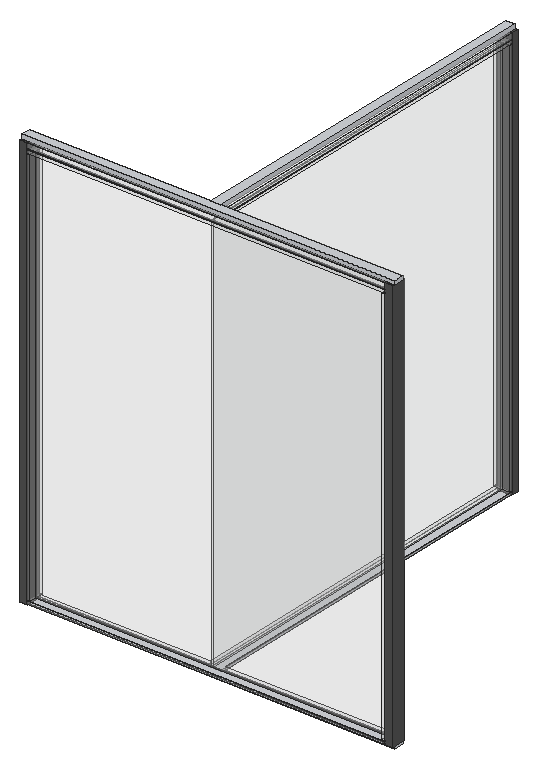
Revit family "Haworth_EncloseFrameless_Wall_Glass3way", category Furniture Systems, Revit 2018
Family settings
  Round Connector Dimension = Use Diameter
  Part Type = Normal
  OmniClass Number = 23.25.40.14
  OmniClass Title = Demountable Partitions
  Work Plane-Based = No
  Always vertical = Yes
  Cut with Voids When Loaded = No
  Shared = Yes
  Room Calculation Point = No
Parameters (values of type "108" H")
  Width 2 [instance] = 96"
  Warranty = "http://www.haworth.com/resources/product-info/warranties"
  URL - Product = "http://www.haworth.com/products/architectural-interiors/moveable-walls/enclose"
  Type Comments = ""
  Sustainability Info = "http://www.haworth.com/company-info/sustainablility"
  Panel Width 2 [instance] = if(End Frame Panel 2, Width 2 - Vertical Frame Width - End of Run Panel 2 Width - 0.2", Width 2 - 0.2")  # 93.08"
  Panel 1 Right Width [instance] = 48"
  Panel 1 Left Width [instance] = 48"
  Model = "Haworth - Enclose Frameless"  # constant formula
  Material Options = "http://surfaces.haworth.com/"
  Width [instance] = 96"
  Vertical Frame Width = 0.875"  # constant formula
  URL = "www.haworth.com"
  Size = "Verify Final Dim. w/ Haworth"  # constant formula
  Revision Number = "3"  # constant formula
  Panel Width 1 [instance] = if(and(End Frame Right, End Frame Left), Width - (2 * Vertical Frame Width) - End of Run Right Width - End of Run Left Width, if(End Frame Right, Width - Vertical Frame Width - End of Run Right Width, if(End Frame Left, Width - Vertical Frame Width - End of Run Left Width, Width)))  # 90.56"
  Panel Height = Actual Height - Horizontal Bottom Adjuster Width - Horizontal Frame Width - Horizontal Top Adjuster Width  # 103.25"
  Panel Depth = 0.4"  # constant formula
  Min/Max Width = "12in Min, Verify Max"  # constant formula
  Min/Max Height = "24-144 in."  # constant formula
  Horizontal Top Trim Width = 1.43"  # constant formula
  Horizontal Top Adjuster Width = Cap Height + Horizontal Top Trim Width + 0.195"  # 2.625"
  Horizontal Bottom Adjuster Width = Base Height + Horizontal Frame Width  # 1.25"
  Min. Height = 24"  # constant formula
  Max. Height = 144"  # constant formula
  Manufacturer = "Haworth"  # constant formula
  Horizontal Frame Width = 0.875"  # constant formula
  Horizontal Bottom Trim Width = 2.425"  # constant formula
  Height = 108"
  Half Postcap Width = 0.155"  # constant formula
  HFEC Right Width [instance] = if(not(End Frame Right), 0", End of Run Right Width)  # 1.845"
  HFEC Panel 2 Width [instance] = if(not(End Frame Panel 2), 0", End of Run Panel 2 Width)  # 1.845"
  HFEC Left Width [instance] = if(not(End Frame Left), 0", End of Run Left Width)  # 1.845"
  Glass Right Offset Panel 2 [instance] = if(End Frame Panel 2, Vertical Frame Width, 0")  # 0.875"
  Glass Right Offset [instance] = if(End Frame Right, Vertical Frame Width, 0")  # 0.875"
  Glass Finish = Haworth _ Glass _ Clear
  Frame Finish = Haworth _ Glass _ Clear
  Frame Depth = 4"  # constant formula
  End of Run Panel 2 Width [instance] = if(and(End of Run Panel 2, End Frame Panel 2), 1.845", 0.155")  # 1.845"
  End of Run Right Width [instance] = if(and(End of Run Right, End Frame Right), 1.845", Half Postcap Width)  # 1.845"
  End of Run Panel 2 [instance] = yes
  End of Run Right [instance] = yes
  End of Run Left Width [instance] = if(and(End of Run Left, End Frame Left), 1.845", Half Postcap Width)  # 1.845"
  End of Run Left [instance] = yes
  End of Run Finish = Haworth _ Polymer _ Black
  End Frame Panel 2 [instance] = yes
  End Frame Right [instance] = yes
  End Frame Left [instance] = yes
  Description = "Wall - Glass 3-way"  # constant formula
  Ceiling Mount = yes
  Cap Height = 1"  # constant formula
  Base Height = 0.375"  # constant formula
  Author = "SHAPE Environments, LLC"  # constant formula
  Assembly Code = "C1010200"
  Actual Width 2 [instance] = if(Width 2 < 12", 12", Width 2)  # 96"
  Actual Width [instance] = if(Width < 12", 12", Width)  # 96"
  Actual Height = if(Height < Min. Height, Min. Height, if(Height > Max. Height, Max. Height, Height))  # 108"
Reference planes (in)
  plane 1 "Center F/B": y = -0.17786
  plane 2: z = 0
  plane 3 "Center L/R": x = -2.36364
  plane 4 "Left": x = -48.51864
  plane 5 "Right": x = 43.79136
  plane 6 "Top": z = 108
  plane 7 "Back": y = 1.82214
  plane 8 "Front": y = -2.17786
  plane 9 "Left Frame Outside": x = -48.51864
  plane 10 "Left Frame Inside": x = -47.64364
  plane 11 "Right Frame Outside": x = 43.79136
  plane 12 "Right Frame Inside": x = 42.91636
  plane 13 "End of Run Right": x = 45.63636
  plane 14 "End of Run Left": x = -50.36364
  plane 15 "Top Frame Outside": z = 105.375
  plane 16 "Top Trim Outside": z = 107
  plane 17 "Top Frame Inside": z = 104.5
  plane 18 "Bottom Frame Inside": z = 1.25
  plane 19 "Bottom Adjuster": z = 0.375
  plane 20 "Not Used": z = 2.125
  plane 21 "3 Way Frame Inside": y = 93.10214
  plane 22 "3 Way Frame Outside": y = 93.97714
  plane 23 "End of Run Panel 2": y = 95.82214
  plane 24: y = 93.97714
  plane 25 "3 Way Back": x = -4.36364
  plane 26 "3 Way Front": x = -0.36364
  plane 27 "Glass Constraint": x = 42.91636
  plane 28 "Glass Constraint Panel 2": y = 93.10214
  plane 29 "3 Way Centerline": x = -2.36364
Forms (in)
  Sweep 1, solid, material "Haworth _ Polymer _ Black" <- "End of Run Finish", visible <- "End Frame Left"
    path origin (0, -0.17786, 0) x (1, 0, 0) y (0, 0, 1)
      loop
        line (-48.51864, 107) -> (-48.51864, 0.375)
    profile "Haworth_Enclose - Postcap : Left" origin (-48.51864, -0.17786, 53.6875) x (1, 0, 0) y (0, -1, 0)
      loop
        line (0, 1.805) -> (-1.845, 1.805) -> (-1.845, -1.805) -> (0, -1.805) -> (0, 1.805)
  Sweep 2, solid, material "Haworth _ Polymer _ Black" <- "End of Run Finish", visible <- "End Frame Right"
    path origin (0, -0.17786, 0) x (1, 0, 0) y (0, 0, 1)
      loop
        line (43.79136, 107) -> (43.79136, 0.375)
    profile "Haworth_Enclose - Postcap : Right" origin (43.79136, -0.17786, 53.6875) x (1, 0, 0) y (0, -1, 0)
      loop
        line (0, 1.805) -> (0, -1.805) -> (1.845, -1.805) -> (1.845, 1.805) -> (0, 1.805)
  Sweep 3, solid, material "Haworth _ Glass _ Clear" <- "Frame Finish", visible <- "End Frame Left"
    path origin (0, -0.17786, 0) x (1, 0, 0) y (0, 0, 1)
      loop
        line (-48.51864, 104.5) -> (-48.51864, 1.25)
    profile "Haworth_Enclose - Vertical_Frame : Vertical" origin (-48.51864, -0.17786, 52.875) x (1, 0, 0) y (0, -1, 0)
      loop
        line (0, 2) -> (0, -2) -> (0.875, -2) -> (0.875, 2) -> (0, 2)
  Sweep 4, solid, material "Haworth _ Glass _ Clear" <- "Frame Finish", visible <- "End Frame Right"
    path origin (0, -0.17786, 0) x (1, 0, 0) y (0, 0, 1)
      loop
        line (43.79136, 104.5) -> (43.79136, 1.25)
    profile "Haworth_Enclose - Vertical_Frame : Vertical" origin (43.79136, -0.17786, 52.875) x (1, 0, 0) y (0, -1, 0)
      loop
        line (0, 2) -> (-0.875, 2) -> (-0.875, -2) -> (0, -2) -> (0, 2)
  Sweep 5, solid, material "Haworth _ Glass _ Clear" <- "Frame Finish"
    path origin (0, -0.17786, 0) x (1, 0, 0) y (0, 0, 1)
      loop
        line (43.79136, 104.5) -> (-48.51864, 104.5)
    profile "Haworth_Enclose - Horizontal_Frame : Horizontal" origin (-2.36364, -0.17786, 104.5) x (0, 0, -1) y (0, -1, 0)
      loop
        line (0, 2) -> (-0.875, 2) -> (-0.875, -2) -> (0, -2) -> (0, 2)
  Sweep 6, solid, material "Haworth _ Glass _ Clear" <- "Frame Finish"
    path origin (0, -0.17786, 0) x (1, 0, 0) y (0, 0, 1)
      loop
        line (-48.51864, 107) -> (43.79136, 107)
    profile "Haworth_Enclose - Horizontal_Trim : Top" origin (-2.36364, -0.17786, 107) x (0, 0, 1) y (0, -1, 0)
      loop
        line (0, 2) -> (-1.43, 2) -> (-1.43, 1.805) -> (-1.625, 1.805) -> (-1.625, -1.805) -> (-1.43, -1.805) -> (-1.43, -2) -> (0, -2) -> (0, 2)
  Sweep 7, solid, visible <- "Ceiling Mount"
    path origin (0, -0.17786, 0) x (1, 0, 0) y (0, 0, 1)
      loop
        line (-50.36364, 108) -> (45.63636, 108)
    profile "Haworth_Enclose - Horizontal_Track : Ceiling" origin (-2.36364, -0.17786, 108) x (0, 0, 1) y (0, -1, 0)
      loop
        line (0, 1.28) -> (-1, 1.28) -> (-1, -1.28) -> (0, -1.28) -> (0, 1.28)
  Sweep 8, solid
    path origin (0, -0.17786, 0) x (1, 0, 0) y (0, 0, 1)
      loop
        line (45.63636, 0) -> (-50.36364, 0)
    profile "Haworth_Enclose - Horizontal_Track : Base" origin (-2.36364, -0.17786, 0) x (0, 0, -1) y (0, -1, 0)
      loop
        line (0, 1.28) -> (-0.375, 1.28) -> (-0.375, -1.28) -> (0, -1.28) -> (0, 1.28)
  Sweep 9, solid, material "Haworth _ Glass _ Clear" <- "Frame Finish"
    path origin (0, -0.17786, 0) x (1, 0, 0) y (0, 0, 1)
      loop
        line (-48.51864, 1.25) -> (43.79136, 1.25)
    profile "Haworth_Enclose - Horizontal_Frame : Horizontal" origin (-2.36364, -0.17786, 1.25) x (0, 0, 1) y (0, -1, 0)
      loop
        line (0, 2) -> (-0.875, 2) -> (-0.875, -2) -> (0, -2) -> (0, 2)
  Sweep 10, solid, visible <- "Ceiling Mount"
    path origin (-2.36364, 0, 0) x (0, -1, 0) y (0, 0, 1)
      loop
        line (-1.10214, 108) -> (-95.82214, 108)
    profile "Haworth_Enclose - Horizontal_Track : Ceiling" origin (-2.36364, 48.46214, 108) x (0, 0, -1) y (-1, 0, 0)
      loop
        line (0, 1.28) -> (0, -1.28) -> (1, -1.28) -> (1, 1.28) -> (0, 1.28)
  Sweep 11, solid, material "Haworth _ Glass _ Clear" <- "Frame Finish"
    path origin (-2.36364, 0, 0) x (0, -1, 0) y (0, 0, 1)
      loop
        line (-93.97714, 104.5) -> (-1.82214, 104.5)
    profile "Haworth_Enclose - Horizontal_Frame : Horizontal" origin (-2.36364, 47.89964, 104.5) x (0, 0, 1) y (-1, 0, 0)
      loop
        line (0, 2) -> (0, -2) -> (0.875, -2) -> (0.875, 2) -> (0, 2)
  Sweep 12, solid, material "Haworth _ Glass _ Clear" <- "Frame Finish"
    path origin (-2.36364, 0, 0) x (0, -1, 0) y (0, 0, 1)
      loop
        line (-1.82214, 107) -> (-93.97714, 107)
    profile "Haworth_Enclose - Horizontal_Trim : Top" origin (-2.36364, 47.89964, 107) x (0, 0, -1) y (-1, 0, 0)
      loop
        line (0, 2) -> (0, -2) -> (1.43, -2) -> (1.43, -1.805) -> (1.625, -1.805) -> (1.625, 1.805) -> (1.43, 1.805) -> (1.43, 2) -> (0, 2)
  Sweep 13, solid, material "Haworth _ Polymer _ Black" <- "End of Run Finish", visible <- "End Frame Panel 2"
    path origin (-2.36364, 0, 0) x (0, -1, 0) y (0, 0, 1)
      loop
        line (-93.97714, 0.375) -> (-93.97714, 107)
    profile "Haworth_Enclose - Postcap : Panel 2" origin (-2.36364, 93.97714, 53.6875) x (0, 1, 0) y (-1, 0, 0)
      loop
        line (0, 1.805) -> (0, -1.805) -> (1.845, -1.805) -> (1.845, 1.805) -> (0, 1.805)
  Sweep 14, solid, material "Haworth _ Glass _ Clear" <- "Frame Finish", visible <- "End Frame Panel 2"
    path origin (-2.36364, 0, 0) x (0, -1, 0) y (0, 0, 1)
      loop
        line (-93.10214, 104.5) -> (-93.10214, 1.25)
    profile "Haworth_Enclose - Vertical_Frame : Vertical" origin (-2.36364, 93.10214, 52.875) x (0, -1, 0) y (-1, 0, 0)
      loop
        line (0, 2) -> (-0.875, 2) -> (-0.875, -2) -> (0, -2) -> (0, 2)
  Sweep 15, solid
    path origin (-2.36364, 0, 0) x (0, -1, 0) y (0, 0, 1)
      loop
        line (-1.10214, 0) -> (-95.82214, 0)
    profile "Haworth_Enclose - Horizontal_Track : Base" origin (-2.36364, 48.46214, 0) x (0, 0, -1) y (-1, 0, 0)
      loop
        line (0, 1.28) -> (-0.375, 1.28) -> (-0.375, -1.28) -> (0, -1.28) -> (0, 1.28)
  Sweep 16, solid, material "Haworth _ Glass _ Clear" <- "Frame Finish"
    path origin (-2.36364, 0, 0) x (0, -1, 0) y (0, 0, 1)
      loop
        line (-93.97714, 1.25) -> (-1.82214, 1.25)
    profile "Haworth_Enclose - Horizontal_Frame : Horizontal" origin (-2.36364, 47.89964, 1.25) x (0, 0, 1) y (-1, 0, 0)
      loop
        line (0, 2) -> (-0.875, 2) -> (-0.875, -2) -> (0, -2) -> (0, 2)
Cuts and joins
  joined: Sweep 9, Sweep 16
  joined: Sweep 6, Sweep 12
  joined: Sweep 5, Sweep 11
Lines and regions (in)
  Masking region 1
    outline origin (0, 0, 0) x (1, 0, 0) y (0, 1, 0)
      loop
        line (-50.36364, 1.82214) -> (-50.36364, -2.17786) -> (45.63636, -2.17786) -> (45.63636, 1.82214) -> (-0.36364, 1.82214) -> (-0.36364, 95.82214) -> (-4.36364, 95.82214) -> (-4.36364, 1.82214) -> (-50.36364, 1.82214)
  Masking region 2, detail levels medium+fine
    outline origin (0, 0, 0) x (1, 0, 0) y (0, 1, 0)
      loop
        line (-47.64364, 0.02214) -> (-47.64364, -0.37786) -> (42.91636, -0.37786) -> (42.91636, 0.02214) -> (-2.16364, 0.02214) -> (-2.16364, 93.10214) -> (-2.56364, 93.10214) -> (-2.56364, 0.02214) -> (-47.64364, 0.02214)
  symbolic lines, style "Haworth", visible <- "End Frame Right", detail levels medium+fine
    curve 1: line (42.91636, 1.82214, 0) -> (42.91636, -2.17786, 0)
  symbolic lines, style "Haworth", visible <- "End Frame Left", detail levels medium+fine
    curve 2: line (-47.64364, -2.17786, 0) -> (-47.64364, 1.82214, 0)
  symbolic lines, style "Haworth", visible <- "End Frame Panel 2", detail levels medium+fine
    curve 3: line (-4.36364, 93.10214, 0) -> (-0.36364, 93.10214, 0)
Dimensions and locks (in)
  "Width": plane 14 "End of Run Left" to plane 13 "End of Run Right"
  "Vertical Frame Width": plane 9 "Left Frame Outside" to plane 10 "Left Frame Inside"
  "End of Run Right Width": plane 11 "Right Frame Outside" to plane 13 "End of Run Right"
  "End of Run Left Width": plane 14 "End of Run Left" to plane 9 "Left Frame Outside"
  "Vertical Frame Width": plane 12 "Right Frame Inside" to plane 11 "Right Frame Outside"
  equal spacing: plane 7 "Back", plane 1 "Center F/B", plane 8 "Front"
  "Frame Depth": plane 7 "Back" to plane 8 "Front"
  "Actual Height": plane 6 "Top" to level
  "Cap Height": plane 6 "Top" to plane 16 "Top Trim Outside"
  "Horizontal Frame Width": plane 15 "Top Frame Outside" to plane 17 "Top Frame Inside"
  "Base Height": plane 19 "Bottom Adjuster" to level
  "Horizontal Bottom Adjuster Width": plane 18 "Bottom Frame Inside" to plane 2
  "Horizontal Top Adjuster Width": plane 6 "Top" to plane 15 "Top Frame Outside"
  "Vertical Frame Width": plane 22 "3 Way Frame Outside" to plane 21 "3 Way Frame Inside"
  "End of Run Panel 2 Width": plane 23 "End of Run Panel 2" to plane 22 "3 Way Frame Outside"
  "Width 2": plane 1 "Center F/B" to plane 23 "End of Run Panel 2"
  "Glass Right Offset": plane 27 "Glass Constraint" to plane 5 "Right"
  "Glass Right Offset Panel 2": plane 24 to plane 28 "Glass Constraint Panel 2"
  equal spacing: plane 25 "3 Way Back", plane 29 "3 Way Centerline", plane 26 "3 Way Front"
  "Frame Depth": plane 25 "3 Way Back" to plane 26 "3 Way Front"
  "HFEC Left Width": plane 14 "End of Run Left" to plane 4 "Left"
  "HFEC Right Width": plane 5 "Right" to plane 13 "End of Run Right"
  "HFEC Panel 2 Width": plane 23 "End of Run Panel 2" to plane 24
  "Panel 1 Left Width": plane 14 "End of Run Left" to plane 29 "3 Way Centerline"
  "Panel 1 Right Width": plane 29 "3 Way Centerline" to plane 13 "End of Run Right"
  aligned and locked: Sweep 1 sketch curve to plane 9 "Left Frame Outside"
  aligned and locked: Sweep 2 sketch curve to plane 11 "Right Frame Outside"
  aligned and locked: Sweep 3 sketch curve to plane 9 "Left Frame Outside"
  aligned and locked: plane 17 "Top Frame Inside" to Sweep 3 sketch curve
  aligned and locked: Sweep 4 sketch curve to plane 11 "Right Frame Outside"
  aligned and locked: Sweep 4 sketch curve to plane 17 "Top Frame Inside"
  aligned: plane 3 "Center L/R" to nested 1
  aligned and locked: plane 1 "Center F/B" to nested 1
  aligned: nested 1 to plane 20 "Not Used"
  aligned and locked: curve 1 to Sweep 4
  aligned and locked: curve 2 to Sweep 3
  aligned and locked: Sweep 5 sketch curve to plane 17 "Top Frame Inside"
  aligned and locked: Sweep 6 sketch curve to plane 16 "Top Trim Outside"
  aligned and locked: plane 13 "End of Run Right" to Sweep 7 sketch curve
  aligned and locked: plane 14 "End of Run Left" to Sweep 7 sketch curve
  aligned and locked: plane 14 "End of Run Left" to Sweep 8 sketch curve
  aligned and locked: plane 13 "End of Run Right" to Sweep 8 sketch curve
  aligned and locked: Sweep 8 sketch curve to plane 2
  aligned and locked: Sweep 7 sketch curve to plane 6 "Top"
  aligned and locked: Masking region 1 sketch curve to plane 7 "Back"
  aligned and locked: plane 8 "Front" to Masking region 1 sketch curve
  aligned and locked: plane 19 "Bottom Adjuster" to Sweep 1 sketch curve
  aligned and locked: plane 16 "Top Trim Outside" to Sweep 1 sketch curve
  aligned and locked: Sweep 2 sketch curve to plane 16 "Top Trim Outside"
  aligned and locked: Sweep 2 sketch curve to plane 19 "Bottom Adjuster"
  aligned and locked: Sweep 10 sketch curve to plane 6 "Top"
  aligned and locked: Sweep 11 sketch curve to plane 17 "Top Frame Inside"
  aligned and locked: plane 7 "Back" to Sweep 11 sketch curve
  aligned and locked: Sweep 12 sketch curve to plane 16 "Top Trim Outside"
  aligned and locked: plane 22 "3 Way Frame Outside" to Sweep 13 sketch curve
  aligned and locked: Sweep 13 sketch curve to plane 16 "Top Trim Outside"
  aligned and locked: Sweep 13 sketch curve to plane 19 "Bottom Adjuster"
  aligned and locked: Sweep 14 sketch curve to plane 21 "3 Way Frame Inside"
  aligned and locked: Sweep 14 sketch curve to plane 17 "Top Frame Inside"
  aligned and locked: Sweep 15 sketch curve to plane 2
  aligned and locked: plane 7 "Back" to Sweep 16 sketch curve
  aligned: plane 1 "Center F/B" to nested 2
  aligned: nested 2 to plane 21 "3 Way Frame Inside"
  aligned and locked: plane 25 "3 Way Back" to Masking region 1 sketch curve
  aligned and locked: Masking region 1 sketch curve to plane 26 "3 Way Front"
  aligned and locked: Masking region 1 sketch curve to plane 23 "End of Run Panel 2"
  aligned and locked: Sweep 7 to Sweep 10 sketch curve
  aligned and locked: Masking region 1 to plane 14 "End of Run Left"
  aligned and locked: plane 13 "End of Run Right" to Masking region 1
  aligned and locked: Sweep 15 sketch curve to Sweep 8
  aligned and locked: Sweep 9 sketch curve to plane 18 "Bottom Frame Inside"
  aligned and locked: nested 1 to plane 18 "Bottom Frame Inside"
  aligned and locked: plane 18 "Bottom Frame Inside" to Sweep 3 sketch curve
  aligned and locked: Sweep 4 sketch curve to plane 18 "Bottom Frame Inside"
  aligned and locked: Sweep 16 sketch curve to plane 18 "Bottom Frame Inside"
  aligned and locked: Sweep 14 sketch curve to plane 18 "Bottom Frame Inside"
  aligned and locked: nested 2 to plane 18 "Bottom Frame Inside"
  aligned and locked: plane 23 "End of Run Panel 2" to Sweep 15 sketch curve
  aligned and locked: plane 23 "End of Run Panel 2" to Sweep 10 sketch curve
  aligned and locked: plane 7 "Back" to Sweep 12 sketch curve
  aligned and locked: plane 27 "Glass Constraint" to nested 1
  aligned and locked: nested 2 to plane 28 "Glass Constraint Panel 2"
  aligned and locked: Masking region 2 sketch curve to nested 1  (x4)
  aligned and locked: nested 2 to Masking region 2 sketch curve
  aligned and locked: Masking region 2 sketch curve to nested 2  (x2)
  aligned and locked: plane 29 "3 Way Centerline" to nested 2
  aligned and locked: plane 4 "Left" to Sweep 6 sketch curve
  aligned and locked: plane 5 "Right" to Sweep 6 sketch curve
  aligned and locked: plane 4 "Left" to Sweep 5 sketch curve
  aligned and locked: plane 5 "Right" to Sweep 5 sketch curve
  aligned and locked: plane 5 "Right" to Sweep 9 sketch curve
  aligned and locked: plane 4 "Left" to Sweep 9 sketch curve
  aligned and locked: plane 24 to Sweep 12 sketch curve
  aligned and locked: plane 24 to Sweep 11 sketch curve
  aligned and locked: plane 24 to Sweep 16 sketch curve
Automatic sketch dimensions
  Masking region 1 sketch curve to plane 4 "Left" = 1.845"
  plane 5 "Right" to Masking region 1 sketch curve = 1.845"
  Masking region 1 sketch curve to plane 7 "Back" = 0"
  curve 3 to plane 21 "3 Way Frame Inside" = 0"
  curve 3 to plane 25 "3 Way Back" = 0"
  curve 3 to plane 26 "3 Way Front" = 0"
  curve 1 to plane 8 "Front" = 0"
  curve 2 to plane 8 "Front" = 0"
  curve 2 to plane 7 "Back" = 0"
  curve 1 to plane 7 "Back" = 0"
  Masking region 2 sketch curve to plane 1 "Center F/B" = 0.2"
Nested families (in)
  nested 1: "Haworth_Enclose - Panel_Glass" at (-3.54385, -0.14763, 1.25), type "Glass"
    with Panel Width 90.56", Panel Height 103.25", Panel Depth 0.4"
  nested 2: "Haworth_Enclose - Panel_Glass" at (-2.33341, 47.74234, 1.25) x (0, -1, 0) z (0, 0, 1), type "Glass 2"
    with Panel Width 93.08", Panel Height 103.25", Panel Depth 0.4"
Definition of nested family "Haworth_Enclose - Panel_Glass"
  Parameters
    Panel Width = 36"
    Panel Height = 108"
    Panel Finish = none
    Panel Depth = 0.5"
  Reference planes (in)
    plane 1 "Center F/B": y = -0.03024
    plane 2: z = 0
    plane 3 "Center L/R": x = 1.1802
    plane 4 "Left": x = -16.8198
    plane 5 "Right": x = 19.1802
    plane 6 "Back": y = 0.21976
    plane 7 "Front": y = -0.28024
    plane 8 "Top": z = 108
  Forms (in)
    Extrusion 1, solid, material <- "Panel Finish"
      sketch origin (0, -0.03024, 0) x (1, 0, 0) y (0, 0, 1)
        loop
          line (-16.8198, 108) -> (-16.8198, 0) -> (19.1802, 0) -> (19.1802, 108) -> (-16.8198, 108)
      from -0.25 to 0.25
  Dimensions and locks (in)
    "Panel Height": plane 8 "Top" to level
    equal spacing: plane 6 "Back", plane 1 "Center F/B", plane 7 "Front"
    "Panel Depth": plane 6 "Back" to plane 7 "Front"
    equal spacing: plane 4 "Left", plane 3 "Center L/R", plane 5 "Right"
    "Panel Width": plane 4 "Left" to plane 5 "Right"
    aligned and locked: plane 4 "Left" to Extrusion 1 sketch curve
    aligned and locked: Extrusion 1 sketch curve to plane 8 "Top"
    aligned and locked: level to Extrusion 1 sketch curve
    aligned and locked: Extrusion 1 sketch curve to plane 5 "Right"
    aligned and locked: plane 6 "Back" to Extrusion 1
    aligned and locked: Extrusion 1 to plane 7 "Front"
